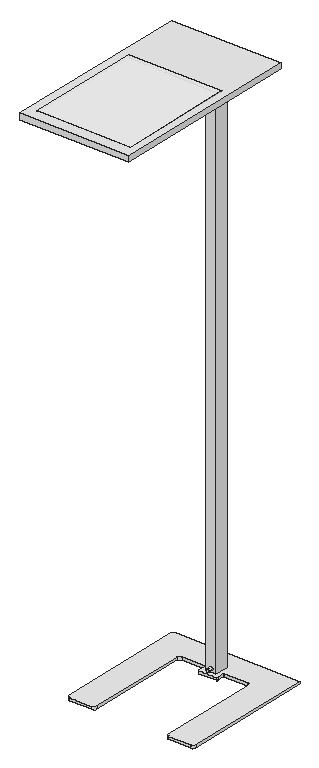
Revit family "0060797 Sylvania Lighting Fixture FREEOFFICE DIRECT INDIRECT 14KLM GREY UK", category Lighting Fixtures, host Face, Revit 2016
Family settings
  Host = Face
  Part Type = Normal
  Round Connector Dimension = Use Diameter
  OmniClass Number = 23.80.70.11.17
  OmniClass Title = Specialized Lighting by Location or Use
  Cut with Voids When Loaded = No
  Light Source = Yes
  Shared = No
  Room Calculation Point = No
Parameters (values of type "0060797 FREEOFFICE D/I 14 GREY UK")
  Weight = "22.8 kg"
  Wattage = 107 W
  WarrantyStartDate [instance] = "n/a"
  WarrantyGuarantorParts = "n/a"
  WarrantyDurationUnit = "n/a"
  WarrantyDurationParts = "n/a"
  WarrantyDescription = "n/a"
  built-in parameter 1150110 = 1 (stored number, unit not read)
  Voltage = 230 V
  TypeName = "FREEOFFICE DIRECT/INDIRECT 14KLM GREY UK"
  built-in parameter 1114217 = 1 (stored number, unit not read)
  Tilt Angle = -90°
  built-in parameter 1150109 = 1 (stored number, unit not read)
  built-in parameter 1150134 = 12
  built-in parameter 1150113 = 1 (stored number, unit not read)
  SerialNumber [instance] = "n/a"
  Radius_FEILO = 165.0 mm
  URL = "http://www.sylvania-lighting.com"
  PowerFactor = 0.98
  PowerConsumption = "107 W"
  Photometric Web File = "0060797.ies"
  PIR_SYL = no
  NominalWidth = 0.0 mm
  NominalLength = 690.0 mm
  NominalHeight = 2030.0 mm
  Name = "FREEOFFICE DIRECT/INDIRECT 14KLM GREY UK"
  ModelReference = "FREEOFFICE DIRECT/INDIRECT 14KLM GREY UK"
  ModelNumber = "0060797"
  Material_3_SYL = Body-Sylvania-FreeOffice-BLK
  Material_2_SYL = Polycarbonate_Sylvania_Sylcircle_Opal
  Material_1_SYL = Body-Sylvania-FreeOffice-GR
  Material = "head and pole : powder coated aluminium. stand: powder coated steel housing, pmma diffuser"
  ManufacturerName = "Feilo Sylvania"
  LuminousEfficacy = "132 lm/W"
  built-in parameter 1150105 = 4275.8 (stored number, unit not read)
  Lumens = 14124 lm
  LuminaireType = ""
  built-in parameter 1150115 = 1 (stored number, unit not read)
  LightOutputRatio = "n/a"
  built-in parameter 1150137 = (empty or 0)
  built-in parameter 1150139 = (empty or 0)
  LampsType = Lamp  # "LED"
  LampNominalLuminous = "14100 lm"
  LampMacAdamStep = "3"
  LampColourTemperature = "4000 K"
  LampColourRenderingIndex = "80"
  built-in parameter 1150112 = 1 (stored number, unit not read)
  built-in parameter 1150114 = 1 (stored number, unit not read)
  Keynote = "16500"
  InstallationDate [instance] = "n/a"
  InputVoltage = "220-240V~"
  InputNominalFrequency = "50/60 Hz"
  built-in parameter 1150132 = (empty or 0)
  built-in parameter 1150102 = (empty or 0)
  built-in parameter 1150107 = 4000 (stored number, unit not read)
  built-in parameter 1150138 = (empty or 0)
  IngressProtection = "IP20"
  ImpactProtectionIndex = "IK02"
  built-in parameter 1150106 = 42.758 (stored number, unit not read)
  IfcExportType = "IfcLightFixtureType"
  IfcExportAs = "IfcLightFixtureType"
  Height_FEILO = 96.0 mm
  ExpectedLife = 50000
  Emit from Rectangle Width = 340.1 mm
  Emit from Rectangle Length = 564.6 mm
  Emit Shape Visible in Rendering = no
  ElectricShockClassification = "Class I"
  built-in parameter 1150104 = 12.263 (stored number, unit not read)
  DurationUnit = "hours"
  DocumentationLiterature = "http://www.sylvania-lighting.com/product/en-int/products/0060797"
  DimmingControlOptions = "Dimmable"
  Dimming Lamp Color Temperature Shift = <None>
  Diameter_FEILO = 2 * Radius_FEILO  # 330.0 mm
  CreatedOn = "12/5/2018"
  CreatedBy = "@sylvania-lighting.com"
  Color Filter = 16777215
  built-in parameter 1114216 [instance] = 1 (stored number, unit not read)
  Model = "FREEOFFICE DIRECT/INDIRECT 14KLM GREY UK"
  Manufacturer = "Feilo Sylvania"
  Lamp = "LED"
  Description = "FREEOFFICE DIRECT/INDIRECT 14KLM GREY UK is a highly efficient free-standing floor lamp providing optimal illumination for single and twin workstations. 80% uplight and 20% downlight ratio for ambient and task lighting from a single luminaire. Microprismatic PMMA optics for advanced glare control. Grey RAL7035 powder coated luminaire body. Aluminium head and pole for high-quality appearance, steel stand for higher stability. Luminaire dimensions: Head: 690x397x25mm, Stand: 480x460x16mm, Pole: 55x35x2030mm. Operated and dimmed with a push button located in the pole at a height suitable to be used with adjustable height desks. Up and downlight dims together. 4000K Neutral White LED, CRI>80, chromaticity tolerance: SDCM<3. Luminous flux: 14100lm. Power consumption 107W. Luminaire efficacy: 132lm/W. Lumen maintenance: L80B50=55000h. UGR<16, Luminance at 65°<3000 cd/m2. IK02, IP20. Photobiological safety risk group 0. Electrical protection: Class I. Glow wire test: 650°C. Supplied with 3m cable with BS 1363 plug."
  Default Elevation = 0.0 mm
  built-in parameter 1140040 [instance] = 1
  BarCode [instance] = "n/a"
  built-in parameter 1114218 = 1 (stored number, unit not read)
  built-in parameter 1150133 = 10 (stored number, unit not read)
  AssetType = "Fixed"
  AssetIdentifier [instance] = "n/a"
  Assembly Code = "D5020200"
  Apparent Load = 107 VA
Reference planes
  plane 1 "Center (Front/Back)": y = 0
  plane 2: z = 0
  plane 3 "Center (Left/Right)": x = 0
  plane 4: z = 2030
  plane 5: x = 230
  plane 6: x = -230
  plane 7: x = 18
  plane 8: x = -18
  plane 9: x = -198.5
  plane 10: x = 198.5
  plane 11: y = 25
  plane 12: y = -25
  plane 13: y = -390.174
  plane 14: y = 89.826
  plane 15: y = -645
  plane 16: y = 44
  plane 17: z = 9
  plane 18: z = 2010
  plane 19: y = -187.327
  plane 20: y = -603.8
  plane 21: x = -170.03
  plane 22: x = 170.03
  plane 23: y = -39.174
  plane 24: z = 2020
  plane 25: x = 130
  plane 26: x = -130
  plane 27: y = -10.174
  plane 28: x = 34
  plane 29: x = -34
  plane 30: y = -39.174
  plane 31: y = -321.487
  plane 32: z = 21
  plane 33: y = -624.4
  plane 34: z = 2009
Forms (mm)
  Extrusion 1, solid, material "Body-Sylvania-FreeOffice-GR" <- "Material_1_SYL"
    sketch origin (-1380.213, -4572, 2010) x (-1, 0, 0) y (0, -1, 0)
      loop
        line (-1181.713, -3927) -> (-1578.713, -3927) -> (-1578.713, -4616) -> (-1181.713, -4616) -> (-1181.713, -3927)
    from 0 to 20
  Extrusion 2, void
    sketch origin (-1380.213, -4572, 2030) x (0, -1, 0) y (-1, 0, 0)
      loop
        line (-4384.673, -1210.183) -> (-4384.673, -1550.243) -> (-3968.2, -1550.243) -> (-3968.2, -1210.183) -> (-4384.673, -1210.183)
    from 0 to 20
  Extrusion 3, void
    sketch origin (-1380.213, -4572, 2010) x (0, -1, 0) y (-1, 0, 0)
      loop
        line (-3968.2, -1210.183) -> (-4532.826, -1210.183) -> (-4532.826, -1550.243) -> (-3968.2, -1550.243) -> (-3968.2, -1210.183)
    from 0 to -10
  Extrusion 4, solid, material "Body-Sylvania-FreeOffice-GR" <- "Material_1_SYL"
    sketch origin (0, 0, 0) x (1, 0, 0) y (0, 1, 0)
      loop
        line (-230, 79.826) -> (-230, -380.174)
        arc (-230, -380.174) -> (-227.071, -387.245) -> (-220, -390.174) r 10
        line (-220, -390.174) -> (-140, -390.174)
        arc (-140, -390.174) -> (-132.929, -387.245) -> (-130, -380.174) r 10
        line (-130, -380.174) -> (-130, -20.174)
        arc (-130, -20.174) -> (-127.071, -13.103) -> (-120, -10.174) r 10
        line (-120, -10.174) -> (-36, -10.174)
        arc (-36, -10.174) -> (-34.586, -10.76) -> (-34, -12.174) r 2
        line (-34, -12.174) -> (-34, -37.174)
        arc (-34, -37.174) -> (-33.414, -38.588) -> (-32, -39.174) r 2
        line (-32, -39.174) -> (32, -39.174)
        arc (32, -39.174) -> (33.414, -38.588) -> (34, -37.174) r 2
        line (34, -37.174) -> (34, -12.174)
        arc (34, -12.174) -> (34.586, -10.76) -> (36, -10.174) r 2
        line (36, -10.174) -> (120, -10.174)
        arc (120, -10.174) -> (127.071, -13.103) -> (130, -20.174) r 10
        line (130, -20.174) -> (130, -380.174)
        arc (130, -380.174) -> (132.929, -387.245) -> (140, -390.174) r 10
        line (140, -390.174) -> (220, -390.174)
        arc (220, -390.174) -> (227.071, -387.245) -> (230, -380.174) r 10
        line (230, -380.174) -> (230, 89.826) -> (-220, 89.826)
        arc (-220, 89.826) -> (-227.071, 86.897) -> (-230, 79.826) r 10
    from 0 to 9
  Extrusion 5, solid, material "Body-Sylvania-FreeOffice-GR" <- "Material_1_SYL"
    sketch origin (645.563, -4597, 9) x (0, -1, 0) y (-1, 0, 0)
      loop
        line (-4622, 663.563) -> (-4622, 627.563) -> (-4572, 627.563) -> (-4572, 663.563) -> (-4622, 663.563)
    from 0 to -2001
  Extrusion 6, solid, material "Body-Sylvania-FreeOffice-GR" <- "Material_1_SYL"
    sketch origin (747.1, -25, 1219.2) x (1, 0, 0) y (0, 0, 1)
      loop
        circle (-747.1, -1198.2) r 5
    from 0 to 14.174
  Extrusion 7, solid, material "Polycarbonate_Sylvania_Sylcircle_Opal" <- "Material_2_SYL"
    sketch origin (-1380.213, -4572, 2030) x (-1, 0, 0) y (0, -1, 0)
      loop
        line (-1550.243, -3968.2) -> (-1550.243, -4384.673) -> (-1210.183, -4384.673) -> (-1210.183, -3968.2) -> (-1550.243, -3968.2)
    from 0 to -10
  Extrusion 8, solid, material "Polycarbonate_Sylvania_Sylcircle_Opal" <- "Material_2_SYL"
    sketch origin (-1380.213, -4572, 2010) x (-1, 0, 0) y (0, -1, 0)
      loop
        line (-1210.183, -4532.826) -> (-1210.183, -3968.2) -> (-1550.243, -3968.2) -> (-1550.243, -4532.826) -> (-1210.183, -4532.826)
    from 0 to 10
  Revolve 9, solid, material "Body-Sylvania-FreeOffice-BLK" <- "Material_3_SYL", visible <- "PIR_SYL"
    sketch origin (747.1, -624.4, 1219.2) x (1, 0, 0) y (0, 0, 1)
      loop
        line (-757.1, 789.8) -> (-754.426, 789.8)
        arc (-754.426, 789.8) -> (-751.007, 787.781) -> (-747.1, 787.079) r 11.221
        line (-747.1, 787.079) -> (-747.1, 790.8) -> (-757.1, 790.8) -> (-757.1, 789.8)
      axis (-747.1, 790.8) -> (-747.1, 787.079)
    angle from 0 to 360
Cuts and joins
  Extrusion 2, Extrusion 3 cuts Extrusion 1
Lines and regions (mm)
  reference lines
    curve 1: circle (0, 0, 21) r 5 normal (0, -1, 0)
    curve 2: circle (0, -624.4, 2010) r 10 normal (0, 0, 1)
Dimensions and locks
  equal spacing: plane 12, plane 1 "Center (Front/Back)", plane 11
  locked: plane 12 to plane 11 at 50
  equal spacing: plane 8, plane 3 "Center (Left/Right)", plane 7
  plane 8 to plane 7 = 36.0 mm
  equal spacing: plane 9, plane 3 "Center (Left/Right)", plane 10
  plane 9 to plane 10 = 397.0 mm
  equal spacing: plane 6, plane 3 "Center (Left/Right)", plane 5
  locked: plane 6 to plane 5 at 460
  locked: plane 4 to plane 2 at 2030
  locked: plane 13 to plane 1 "Center (Front/Back)" at 390.174
  locked: plane 13 to plane 14 at 480
  locked: plane 15 to plane 1 "Center (Front/Back)" at 645
  locked: plane 15 to plane 16 at 689
  locked: plane 17 to plane 2 at 9
  locked: plane 4 to plane 18 at 20
  locked: plane 19 to plane 1 "Center (Front/Back)" at 187.327
  locked: plane 20 to plane 19 at 416.473
  equal spacing: plane 21, plane 3 "Center (Left/Right)", plane 22
  plane 21 to plane 22 = 340.059 mm
  locked: plane 20 to plane 23 at 564.626
  equal spacing: plane 4, plane 24, plane 18
  equal spacing: plane 26, plane 3 "Center (Left/Right)", plane 25
  locked: plane 26 to plane 25 at 260
  locked: plane 27 to plane 14 at 100
  equal spacing: plane 29, plane 3 "Center (Left/Right)", plane 28
  locked: plane 29 to plane 28 at 68
  locked: plane 30 to plane 27 at 29
  equal spacing: plane 20, plane 31, plane 23
  locked: plane 32 to host face at 21
  equal spacing: plane 15, plane 33, plane 20
  locked: Revolve 9 sketch curve to plane 18 at 7.5
  locked: plane 18 to plane 34 at 1
  radius of curve 2 = 10.0 mm
  aligned and locked: plane 2 to host face
  aligned and locked: level to host face
  aligned and locked: plane 15 to Extrusion 1 sketch curve
  aligned and locked: Extrusion 1 sketch curve to plane 9
  aligned and locked: Extrusion 1 sketch curve to plane 16
  aligned and locked: plane 10 to Extrusion 1 sketch curve
  aligned and locked: plane 4 to Extrusion 1
  aligned and locked: Extrusion 1 to plane 18
  aligned and locked: Extrusion 2 sketch curve to plane 19
  aligned and locked: plane 20 to Extrusion 2 sketch curve
  aligned and locked: Extrusion 2 to plane 18
  aligned and locked: plane 4 to Extrusion 2
  aligned and locked: plane 21 to Extrusion 2 sketch curve
  aligned and locked: plane 22 to Extrusion 2 sketch curve
  aligned and locked: Extrusion 3 sketch curve to cut or joined group of Extrusion 1, Extrusion 2, Extrusion 3  (x2)
  aligned and locked: plane 23 to Extrusion 3 sketch curve
  aligned and locked: plane 22 to Extrusion 3 sketch curve
  aligned and locked: Extrusion 3 to plane 18
  aligned and locked: plane 24 to Extrusion 3
  aligned and locked: Extrusion 4 sketch curve to plane 14
  aligned and locked: Extrusion 4 sketch curve to plane 6
  aligned and locked: plane 13 to Extrusion 4 sketch curve  (x2)
  aligned and locked: Extrusion 4 sketch curve to plane 26
  aligned and locked: Extrusion 4 sketch curve to plane 25
  aligned and locked: plane 5 to Extrusion 4 sketch curve
  aligned and locked: plane 29 to Extrusion 4 sketch curve
  aligned and locked: plane 30 to Extrusion 4 sketch curve
  aligned and locked: Extrusion 4 sketch curve to plane 28
  aligned and locked: Extrusion 4 sketch curve to plane 27
  aligned and locked: Extrusion 4 to plane 17
  aligned and locked: Extrusion 4 to level
  aligned and locked: Extrusion 5 sketch curve to plane 8
  aligned and locked: plane 7 to Extrusion 5 sketch curve
  aligned and locked: plane 18 to Extrusion 5
  aligned and locked: plane 11 to Extrusion 5 sketch curve
  aligned and locked: Extrusion 5 sketch curve to plane 12
  aligned and locked: plane 24 to imposter light
  aligned and locked: imposter light to plane 3 "Center (Left/Right)"
  aligned and locked: imposter light to plane 31
  aligned and locked: Extrusion 6 sketch curve to curve 1
  aligned and locked: Extrusion 6 to plane 12
  aligned and locked: Extrusion 6 to cut or joined group of Extrusion 1, Extrusion 2, Extrusion 3
  aligned and locked: Extrusion 7 sketch curve to cut or joined group of Extrusion 1, Extrusion 2, Extrusion 3  (x4)
  aligned and locked: Extrusion 7 to plane 4
  aligned and locked: Extrusion 7 to cut or joined group of Extrusion 1, Extrusion 2, Extrusion 3
  aligned and locked: Extrusion 8 sketch curve to cut or joined group of Extrusion 1, Extrusion 2, Extrusion 3  (x4)
  aligned and locked: Extrusion 8 to cut or joined group of Extrusion 1, Extrusion 2, Extrusion 3
  aligned and locked: Extrusion 8 to plane 18
  aligned and locked: plane 3 "Center (Left/Right)" to curve 2
  aligned and locked: plane 33 to curve 2
  aligned and locked: plane 3 "Center (Left/Right)" to Revolve 9 sketch curve  (x2)
  aligned and locked: Revolve 9 sketch curve to plane 3 "Center (Left/Right)"
  aligned and locked: Revolve 9 sketch curve to plane 34
Automatic sketch dimensions
  host sketch curve to host sketch curve = 1305.563 mm
  host sketch curve to host sketch curve = 1283.632 mm
  plane 27 to Extrusion 4 sketch curve = 0.0 mm
  plane 6 to Extrusion 4 sketch curve = 10.0 mm  (x2)
  Extrusion 4 sketch curve to plane 13 = 10.0 mm
  Extrusion 4 sketch curve to plane 26 = 10.0 mm
  Extrusion 4 sketch curve to Extrusion 4 sketch curve = 2.0 mm
  plane 29 to Extrusion 4 sketch curve = 2.0 mm
  Extrusion 4 sketch curve to plane 28 = 2.0 mm
  plane 28 to Extrusion 4 sketch curve = 2.0 mm
  Extrusion 4 sketch curve to plane 25 = 10.0 mm
  Extrusion 4 sketch curve to Extrusion 4 sketch curve = 10.0 mm
  Extrusion 4 sketch curve to plane 5 = 10.0 mm
  curve 1 to plane 3 "Center (Left/Right)" = 0.0 mm
  curve 1 to plane 32 = 0.0 mm
  Revolve 9 sketch curve to plane 18 = 0.0 mm
  Revolve 9 sketch curve to plane 3 "Center (Left/Right)" = 7.326 mm
  Revolve 9 sketch curve to Revolve 9 sketch curve = 2.674 mm
  Revolve 9 sketch curve to level = 94.652 mm
  plane 4 to Revolve 9 sketch curve = 432.257 mm
  radius of curve 1 = 5.0 mm
Connectors
  electrical at (0, -39.174, 21), driven by "PowerFactor", driven by "Voltage", driven by "Apparent Load", driven by "Apparent Load"
    settings: on Extrusion 6, index 1, voltage 230 V, apparent load 107 VA, apparent load phase1 107 VA, apparent load phase2 0 VA, apparent load phase3 0 VA, power factor 0.98, load classification "Other", number of poles 1, system type 30, power factor state 1, is connector primary yes, connector utility no, sub classification motor no, connector description ""
